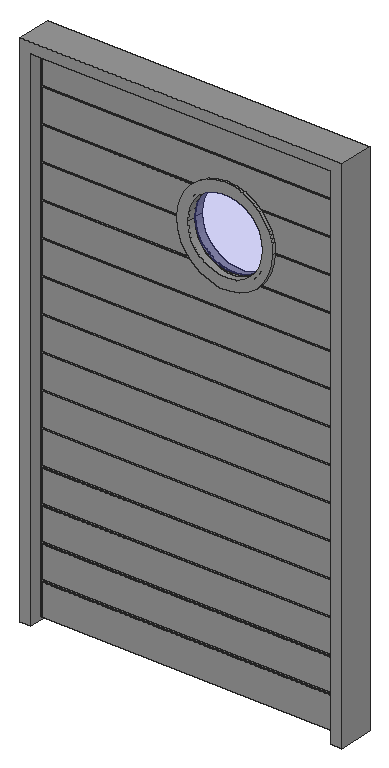
Revit family "V1200IVT NO7", category Doors, host Wall, Revit 2015
Parameters (values of type "V1200IVT NO7")
  Function = Interior
  Frame Projection Ext. = 25 mm
  Frame Projection Int. = 25 mm
  Frame Width = 75 mm
  Height = 2090 mm
  Wall Closure = By host
  Width = 1284 mm
Reference planes
  plane 1: y = 0
  plane 2 "Center (Left/Right)": x = 0
  plane 3 "Left": x = -642
  plane 4 "Right": x = 642
  plane 5: z = 2090
  plane 6 "Exterior": y = 75
  plane 7 "Interior": y = -75
Forms (mm)
  Sweep 1, solid, material "Lauan, Meranti"
    path origin (0, 75, 0) x (1, 0, 0) y (0, 0, 1)
      loop
        line (642, 0) -> (642, 2090) -> (-642, 2090) -> (-642, 0)
    profile "Van Acht 140x42 Pivot Door Frame Profile : Van Acht 140x42 Pivot Door Frame Profile" origin (642, 75, 1045) x (-1, 0, 0) y (0, -1, 0)
      loop
        line (0, 5) -> (42, 5) -> (42, 145) -> (0, 145) -> (0, 5)
  Sweep 2, solid, material "Lauan, Meranti"
    path origin (-4626.5, 11, -4) x (1, 0, 0) y (0, 0, 1)
      loop
        line (5216.5, 2052) -> (4036.5, 2052) -> (4036.5, 20) -> (5216.5, 20) -> (5216.5, 2052)
    profile origin (0, 11, 2048) x (0, 0, -1) y (0, -1, 0)
      loop
        line (0, -5.015) -> (40, -5.015) -> (40, 27) -> (0, 27) -> (0, -5.015)
  Extrusion 3, solid, material "Lauan, Meranti"
    sketch origin (193.5, 1624, 16) x (0, -1, 0) y (0, 0, -1)
      loop
        line (1640, 0) -> (1640, -2032) -> (1649, -2032) -> (1649, -1904) -> (1644.5, -1904) -> (1644.5, -1896) -> (1649, -1896) -> (1649, -1768) -> (1644.5, -1768) -> (1644.5, -1760) -> (1649, -1760) -> (1649, -1632) -> (1644.5, -1632) -> (1644.5, -1624) -> (1649, -1624) -> (1649, -1496) -> (1644.5, -1496) -> (1644.5, -1488) -> (1649, -1488) -> (1649, -1360) -> (1644.5, -1360) -> (1644.5, -1352) -> (1649, -1352) -> (1649, -1224) -> (1644.5, -1224) -> (1644.5, -1216) -> (1649, -1216) -> (1649, -1088) -> (1644.5, -1088) -> (1644.5, -1080) -> (1649, -1080) -> (1649, -952) -> (1644.5, -952) -> (1644.5, -944) -> (1649, -944) -> (1649, -816) -> (1644.5, -816) -> (1644.5, -808) -> (1649, -808) -> (1649, -680) -> (1644.5, -680) -> (1644.5, -672) -> (1649, -672) -> (1649, -544) -> (1644.5, -544) -> (1644.5, -536) -> (1649, -536) -> (1649, -408) -> (1644.5, -408) -> (1644.5, -400) -> (1649, -400) -> (1649, -272) -> (1644.5, -272) -> (1644.5, -264) -> (1649, -264) -> (1649, -136) -> (1644.5, -136) -> (1644.5, -128) -> (1649, -128) -> (1649, 0) -> (1640, 0)
    from -783.5 to 396.5
  Extrusion 4, solid, material "Lauan, Meranti"
    sketch origin (-4626.5, -1629, -4) x (1, 0, 0) y (0, 1, 0)
      loop
        line (4036.5, 1654) -> (4026.5, 1654) -> (4026.5, 1604) -> (4036.5, 1604) -> (4036.5, 1654)
      loop
        line (5226.5, 1654) -> (5216.5, 1654) -> (5216.5, 1604) -> (5226.5, 1604) -> (5226.5, 1654)
    from 20 to 2052
  Extrusion 5, solid, material "Lauan, Meranti"
    sketch origin (193.5, -1624, 16) x (0, 1, 0) y (0, 0, 1)
      loop
        line (1640, 0) -> (1649, 0) -> (1649, 128) -> (1644.5, 128) -> (1644.5, 136) -> (1649, 136) -> (1649, 264) -> (1644.5, 264) -> (1644.5, 272) -> (1649, 272) -> (1649, 400) -> (1644.5, 400) -> (1644.5, 408) -> (1649, 408) -> (1649, 536) -> (1644.5, 536) -> (1644.5, 544) -> (1649, 544) -> (1649, 672) -> (1644.5, 672) -> (1644.5, 680) -> (1649, 680) -> (1649, 808) -> (1644.5, 808) -> (1644.5, 816) -> (1649, 816) -> (1649, 944) -> (1644.5, 944) -> (1644.5, 952) -> (1649, 952) -> (1649, 1080) -> (1644.5, 1080) -> (1644.5, 1088) -> (1649, 1088) -> (1649, 1216) -> (1644.5, 1216) -> (1644.5, 1224) -> (1649, 1224) -> (1649, 1352) -> (1644.5, 1352) -> (1644.5, 1360) -> (1649, 1360) -> (1649, 1488) -> (1644.5, 1488) -> (1644.5, 1496) -> (1649, 1496) -> (1649, 1624) -> (1644.5, 1624) -> (1644.5, 1632) -> (1649, 1632) -> (1649, 1760) -> (1644.5, 1760) -> (1644.5, 1768) -> (1649, 1768) -> (1649, 1896) -> (1644.5, 1896) -> (1644.5, 1904) -> (1649, 1904) -> (1649, 2032) -> (1640, 2032) -> (1640, 0)
    from -783.5 to 396.5
  Extrusion 6, void
    sketch origin (0, 75, 0) x (1, 0, 0) y (0, 0, 1)
      loop
        circle (150, 1644) r 162
    from 50 to 100
  Sweep 7, solid, material "Lauan, Meranti"
    path origin (0, 75, 0) x (1, 0, 0) y (0, 0, 1)
      loop
        circle (150, 1644) r 162
    profile origin (150, 75, 1806) x (0, 0, -1) y (0, -1, 0)
      loop
        line (0, 81) -> (12, 81) -> (12, 111) -> (-30, 111) -> (-30, 101) -> (0, 101) -> (0, 81)
  Extrusion 8, solid, material "Glass"
    sketch origin (0, 3.5, 0) x (1, 0, 0) y (0, 0, 1)
      loop
        circle (150, 1644) r 150
    from 0 to 7
  Sweep 9, solid, material "Lauan, Meranti"
    path origin (0, -75, 0) x (1, 0, 0) y (0, 0, -1)
      loop
        circle (150, -1644) r 162
    profile origin (150, -75, 1806) x (0, 0, 1) y (0, 1, 0)
      loop
        line (0, 81) -> (0, 101) -> (30, 101) -> (30, 111) -> (-12, 111) -> (-12, 81) -> (0, 81)
Cuts and joins
  Extrusion 6 cuts Extrusion 5
  Extrusion 6 cuts Sweep 2
  Extrusion 6 cuts Extrusion 3
Lines and regions (mm)
  Opening 1
    outline origin (-3050, -75, 0) x (1, 0, 0) y (0, 0, 1)
      loop
        line (2408, 0) -> (3692, 0) -> (3692, 2090) -> (2408, 2090) -> (2408, 0)
  symbolic lines, style "Elevation Swing"
    curve 1: line (642, -75, 1045) -> (-300, -75, 2048)
    curve 2: line (642, -75, 1045) -> (-300, -75, 0)
    curve 3: line (-600, -75, 1045) -> (-300, -75, 2048)
    curve 4: line (-600, -75, 1045) -> (-300, -75, 0)
  model lines
    curve 5: line (-600, 22.5, 0) -> (600, 22.5, 0)
    curve 6: line (-600, -22.5, 0) -> (600, -22.5, 0)
    curve 7: line (-300, 22.5, 0) -> (-300, 922.5, 0)
    curve 8: arc (600, 22.5, 0) -> (336.396, 658.896, 0) -> (-300, 922.5, 0) r 900
    curve 9: line (-300, -22.5, 0) -> (-300, -322.5, 0)
    curve 10: arc (-300, -322.5, 0) -> (-512.132, -234.632, 0) -> (-600, -22.5, 0) r 300
  model lines, style "Elevation Swing"
    curve 11: line (-300, 0, 0) -> (-300, 0, 2048)
Text (mm)
  text "Exterior" at (-2295.016, 1099.543, 0), in view "Ref. Level"
  text "Exterior" at (0, 1615.38, 3698.081), in view "Left"
  text "Exterior" at (0, 1036.032, 3874.932), in view "Right"
Dimensions and locks
  equal spacing: plane 3 "Left", plane 2 "Center (Left/Right)", plane 4 "Right"
  "Width": plane 3 "Left" to plane 4 "Right"
  "Height": plane 5 to host wall
  equal spacing: host wall, curve 2, plane 5
  host wall to plane 5 = 2090 mm
  locked: plane 6 "Exterior" to host wall at 0
  locked: plane 7 "Interior" to host wall
  aligned and locked: plane 3 "Left" to Opening 1 sketch curve
  aligned and locked: plane 5 to Opening 1 sketch curve  (x2)
  aligned and locked: Opening 1 sketch curve to plane 4 "Right"
  aligned and locked: Opening 1 sketch curve to level
  aligned and locked: plane 1 to host wall
Automatic sketch dimensions
  curve 11 to level = 0 mm
  curve 2 to level = 0 mm
  plane 4 "Right" to curve 2 = 0 mm
  plane 5 to curve 11 = 42 mm
  curve 1 to curve 11 = 0 mm  (x2)
  curve 11 to plane 2 "Center (Left/Right)" = 300 mm
  curve 2 to curve 11 = 0 mm
  plane 3 "Left" to Sweep 1 sketch curve = 0 mm
  plane 4 "Right" to Sweep 1 sketch curve = 0 mm
  Sweep 1 sketch curve to level = 0 mm  (x2)
  Sweep 1 sketch curve to plane 5 = 0 mm
  curve 4 to level = 0 mm
  curve 4 to plane 3 "Left" = 42 mm
  curve 4 to plane 2 "Center (Left/Right)" = 300 mm
  plane 5 to curve 3 = 42 mm
  curve 3 to plane 2 "Center (Left/Right)" = 300 mm
  curve 6 to plane 3 "Left" = 42 mm
  curve 7 to plane 2 "Center (Left/Right)" = 300 mm
  curve 10 to curve 8 = 0 mm
  plane 4 "Right" to curve 5 = 42 mm
  host wall to curve 9 = 247.5 mm
  curve 5 to host wall = 22.5 mm
  curve 5 to plane 3 "Left" = 42 mm
  plane 4 "Right" to curve 6 = 42 mm
  Sweep 2 sketch curve to plane 3 "Left" = 52 mm
  level to Sweep 2 sketch curve = 16 mm
  plane 4 "Right" to Sweep 2 sketch curve = 52 mm
  plane 5 to Sweep 2 sketch curve = 42 mm
  Sweep 2 sketch curve to profile plane = 0 mm
  Sweep 2 sketch curve to profile plane = 5.015 mm
  Sweep 2 sketch curve to profile plane = 40 mm
  profile plane to Sweep 2 sketch curve = 27 mm
  host wall to Extrusion 3 sketch curve = 16 mm
  host wall to Extrusion 3 sketch curve = 20.5 mm  (x14)
  Extrusion 3 sketch curve to Extrusion 3 sketch curve = 4.5 mm  (x15)
  Extrusion 3 sketch curve to Extrusion 3 sketch curve = 128 mm  (x14)
  Extrusion 3 sketch curve to Extrusion 3 sketch curve = 8 mm  (x14)
  plane 5 to Extrusion 3 sketch curve = 42 mm
  level to Extrusion 3 sketch curve = 16 mm
  Extrusion 4 sketch curve to plane 3 "Left" = 42 mm
  Extrusion 4 sketch curve to Extrusion 4 sketch curve = 10 mm  (x2)
  host wall to Extrusion 4 sketch curve = 25 mm  (x2)
  plane 4 "Right" to Extrusion 4 sketch curve = 52 mm
  Extrusion 4 sketch curve to host wall = 25 mm  (x2)
  Extrusion 5 sketch curve to host wall = 16 mm
  Extrusion 5 sketch curve to host wall = 20.5 mm  (x14)
  Extrusion 5 sketch curve to Extrusion 5 sketch curve = 4.5 mm  (x15)
  Extrusion 5 sketch curve to Extrusion 5 sketch curve = 128 mm  (x14)
  Extrusion 5 sketch curve to Extrusion 5 sketch curve = 8 mm  (x14)
  level to Extrusion 5 sketch curve = 16 mm
  plane 5 to Extrusion 5 sketch curve = 42 mm
  Sweep 7 sketch curve to profile plane = 0 mm
  Sweep 7 sketch curve to Sweep 7 sketch curve = 30 mm
  Sweep 7 sketch curve to profile plane = 12 mm
  plane 6 "Exterior" to Sweep 7 sketch curve = 81 mm
  Sweep 7 sketch curve to Sweep 7 sketch curve = 20 mm
  Sweep 7 sketch curve to Sweep 7 sketch curve = 10 mm
  profile plane to Sweep 9 sketch curve = 0 mm
  profile plane to Sweep 9 sketch curve = 12 mm
  Sweep 9 sketch curve to profile plane = 30 mm
  profile plane to Sweep 9 sketch curve = 81 mm
  Sweep 9 sketch curve to Sweep 9 sketch curve = 20 mm
  Sweep 9 sketch curve to Sweep 9 sketch curve = 10 mm
  level to curve 4 = 1045 mm
  plane 5 to Extrusion 6 sketch curve = 446 mm
  plane 5 to Sweep 7 sketch curve = 446 mm
  plane 5 to Extrusion 8 sketch curve = 446 mm
  plane 5 to Sweep 9 sketch curve = 446 mm
  plane 2 "Center (Left/Right)" to Extrusion 6 sketch curve = 150 mm
  plane 2 "Center (Left/Right)" to Sweep 7 sketch curve = 150 mm
  plane 2 "Center (Left/Right)" to Extrusion 8 sketch curve = 150 mm
  plane 2 "Center (Left/Right)" to Sweep 9 sketch curve = 150 mm
  radius of Extrusion 6 sketch curve = 162 mm
  radius of Sweep 7 sketch curve = 162 mm
  radius of Extrusion 8 sketch curve = 150 mm
  radius of Sweep 9 sketch curve = 162 mm
